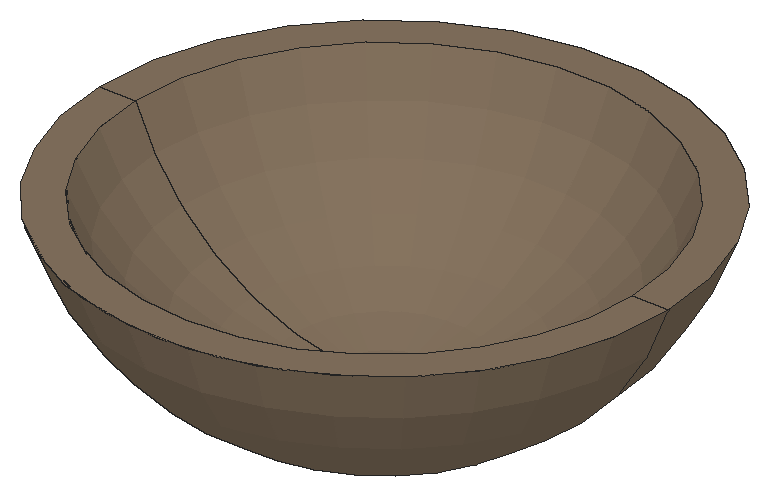
Revit family "tsvetochnitsa_briz", category Антураж, Revit 2017
Family settings
  На основе рабочей плоскости = Нет
  Всегда вертикально = Да
  При загрузке вырезать с полостями = Нет
  Источник визуального образа = Геометрия семейства
  Общий = Нет
  Точка расчета площади = Нет
Parameters (values of type ""Бриз" Крымский берег")
  Производитель = "ГК Очаковский комбинат ЖБИ"  # constant formula
  Позиция = ""
  Поверхность = ""
  Площадь [instance] = 0.503 m²
  Описание изделия [instance] = "Форма цветочницы «Бриз» напоминает идеальную поверхность горного озера. Открытые гладкие линии цветочницы станут достойным обрамлением растениям и одновременно элементом благоустройства, отлично сочетающимся с архитектурным решением основных строений."
  Объем бетона = 0.036 m³
  Обозначение = ""
  Наименование = "Цветочница \"Бриз\""
  Морозостойкость [instance] = "F150"
  Материал = Очаковский_Крымский_берег
  Масса [instance] = 90.00 kg
  Класс бетона [instance] = "В30"
  Защитное покрытие [instance] = 0.563
  Диаметр = 800 mm
  Watermarked By = ""
  Высота = 280 mm
  Водонепроницаемость [instance] = "W8"
  URL = "http://file-system.ru/catalog/blagoustroystvo/blagoustroystvo_goroda/vazony_i_tsvetochnitsy/briz_tsvetochnitsa_/"
Types (10, lengths in mm): name | Материал | URL
  (no name) | Очаковский_Крымский_берег | "http://file-system.ru/catalog/blagoustroystvo/blagoustroystvo_goroda/vazony_i_tsvetochnitsy/briz_tsvetochnitsa_/"
  "Бриз" Белый | Очаковский_Белый | 0
  "Бриз" Светло-серый | Очаковский_Светло-серый | 0
  "Бриз" Шахматка | Очаковский_Шахматка | "http://file-system.ru/catalog/blagoustroystvo/blagoustroystvo_goroda/vazony_i_tsvetochnitsy/briz_tsvetochnitsa_/"
  "Бриз" Черный глянец | Очаковский_Черный_глянец | 0
  "Бриз" Белый шелк | Очаковский_Белый_Шелк | 0
  "Бриз" Крымский берег | Очаковский_Крымский_берег | "http://file-system.ru/catalog/blagoustroystvo/blagoustroystvo_goroda/vazony_i_tsvetochnitsy/briz_tsvetochnitsa_/"
  "Бриз" Морская соль | Очаковский_Морская_соль | 0
  "Бриз" Московский гравий | Очаковский_Московский_гравий | 0
  "Бриз" Черный шелк | Очаковский_Черный_шелк | 0
Reference planes
  plane 1 "По центру (Вперед/Назад)": y = 0
  plane 2: z = 0
  plane 3 "По центру (Влево/Вправо)": x = 0
  plane 4: z = 280
  plane 5: x = -400
  plane 6: x = 400
  plane 7: y = -400
  plane 8: y = 400
Forms (mm)
  Revolve 1, solid, material "Очаковский_Крымский_берег" <- "Материал", detail levels medium+fine
    sketch origin (0, 0, 0) x (1, 0, 0) y (0, 0, 1)
      loop
        arc (0, 0) -> (247.678, 71.889) -> (400, 280) r 400
        line (400, 280) -> (350, 280)
        arc (350, 280) -> (212.764, 107.533) -> (0, 50) r 353.226
        line (0, 50) -> (0, 0)
      axis (0, 280) -> (0, 0)
    angle from 0 to 360
Dimensions and locks
  "Высота": plane 4 to plane 2
  equal spacing: plane 5, plane 3 "По центру (Влево/Вправо)", plane 6
  "Диаметр": plane 5 to plane 6
  equal spacing: plane 8, plane 1 "По центру (Вперед/Назад)", plane 7
  "Диаметр": plane 8 to plane 7
  aligned and locked: level to plane 2
  aligned and locked: Revolve 1 sketch curve to plane 3 "По центру (Влево/Вправо)"
  aligned and locked: Revolve 1 sketch curve to plane 4
  aligned and locked: plane 3 "По центру (Влево/Вправо)" to nested 1
  aligned and locked: plane 1 "По центру (Вперед/Назад)" to nested 1
Automatic sketch dimensions
  Revolve 1 sketch curve to level = 0 mm
  Revolve 1 sketch curve to plane 3 "По центру (Влево/Вправо)" = 0 mm
  plane 3 "По центру (Влево/Вправо)" to Revolve 1 sketch curve = 18.293 mm
  Revolve 1 sketch curve to Revolve 1 sketch curve = 0.487 mm
  plane 3 "По центру (Влево/Вправо)" to Revolve 1 sketch curve = 350 mm
  Revolve 1 sketch curve to Revolve 1 sketch curve = 50 mm  (x2)
  Revolve 1 sketch curve to level = 366.045 mm
  Revolve 1 sketch curve to Revolve 1 sketch curve = 1811.589 mm
Nested families
  nested 1: "МАФ Круглый низкая дет" at (0, 0, 0), Высота <- "Высота", Диаметр <- "Диаметр", type "МАФ Круглый низкая дет"
    with Диаметр 800 mm, Высота 280 mm
Definition of nested family "МАФ Круглый низкая дет"
  Parameters (values of type "МАФ Круглый низкая дет")
    Диаметр [instance] = 300 mm
    Высота [instance] = 600 mm
    Watermarked By = ""
    Type Comments = "﻿﻿                                          ​                           ​     ﻿                             ﻿          ﻿﻿                   ﻿    ﻿             ﻿ ​    ﻿﻿"
    Keynote = "﻿﻿                                          ​                           ​     ﻿                             ﻿          ﻿﻿                   ﻿    ﻿             ﻿ ​    ﻿﻿"
    Description = "﻿﻿                                          ​                           ​     ﻿                             ﻿          ﻿﻿                   ﻿    ﻿             ﻿ ​    ﻿﻿"
    Assembly Code = "﻿﻿                                          ​                           ​     ﻿                             ﻿          ﻿﻿                   ﻿    ﻿             ﻿ ​    ﻿﻿"
  Reference planes
    plane 1 "По центру (Вперед/Назад)": y = 0
    plane 2: z = 0
    plane 3 "По центру (Влево/Вправо)": x = 0
    plane 4: x = -150
    plane 5: x = 150
    plane 6: y = -150
    plane 7: y = 150
    plane 8: z = 600
  Forms (mm)
    Extrusion 1, solid, detail levels coarse
      sketch origin (0, 0, 0) x (1, 0, 0) y (0, 1, 0)
        loop
          line (-150, 150) -> (-150, -150) -> (150, -150) -> (150, 150) -> (-150, 150)
      from 0 to 600
  Dimensions and locks
    equal spacing: plane 6, plane 1 "По центру (Вперед/Назад)", plane 7
    "Диаметр": plane 6 to plane 7
    equal spacing: plane 4, plane 3 "По центру (Влево/Вправо)", plane 5
    "Диаметр": plane 4 to plane 5
    "Высота": plane 8 to level
    aligned and locked: level to plane 2
    aligned and locked: Extrusion 1 sketch curve to plane 5
    aligned and locked: Extrusion 1 sketch curve to plane 7
    aligned and locked: Extrusion 1 sketch curve to plane 6
    aligned and locked: Extrusion 1 sketch curve to plane 4
    aligned and locked: plane 8 to Extrusion 1
  Automatic sketch dimensions
    Extrusion 1 sketch curve to plane 5 = 0 mm
